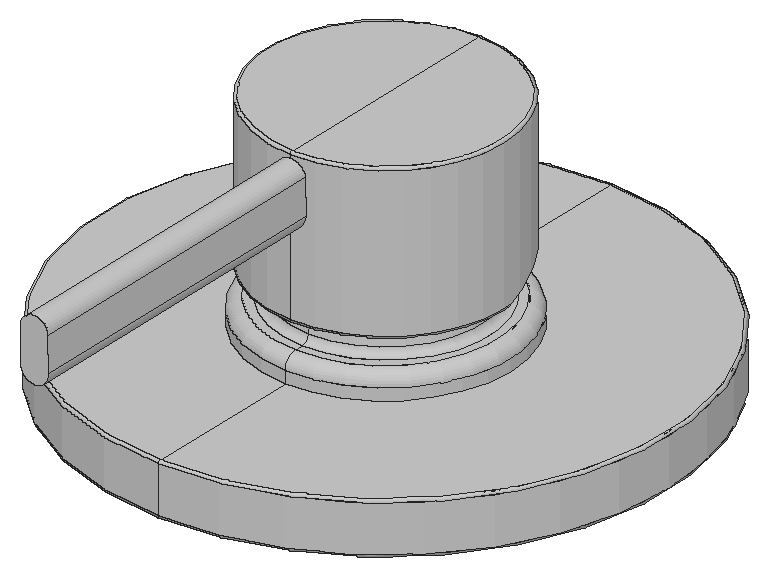
Revit family "Sanitary_Taps-mixers_hansgrohe_74618XXX-Zesis-S-Single-lever-shower-mixer-set_concealed-installation", category Plumbing Fixtures, host Face, Revit 2022
Family settings
  Host = Face
  Round Connector Dimension = Use Diameter
  Part Type = Normal
  OmniClass Number = 23.31.11.00
  OmniClass Title = Faucets
  Cut with Voids When Loaded = Yes
  Maintain Annotation Orientation = No
  Shared = No
  Room Calculation Point = No
Parameters (values of type "000 Chrome")
  Version = 0
  URL = "https://www.hansgrohe.com/"
  Product data url = "https://www.bimobject.com/en/hansgrohe/product/74618XXX"
  Product Page URL = "https://www.hansgrohe.com/articledetail--74618000"
  Model = "74618XXX"  # constant formula
  Material 1 = Hansgrohe - Metal - 000 Chrome
  Manufacturer = "Hansgrohe"  # constant formula
  Description = "Zesis S Single lever shower mixer-set for concealed installation"  # constant formula
  Default Elevation = 0 mm
  Date Updated = ""
  Date Created = "2024/12/16"  # constant formula
Types (3, lengths in mm): name | Material 1
  (no name) | Hansgrohe - Metal - 000 Chrome
  000 Chrome | Hansgrohe - Metal - 000 Chrome
  670 Matt Black | Hansgrohe - Metal - 670 Matt Black
Reference planes
  plane 1 "Center (Front/Back)": y = 0
  plane 2: z = 0
  plane 3 "Center (Left/Right)": x = 0
Forms (mm)
  Revolve 1, solid, material "Hansgrohe - Metal - 000 Chrome" <- "Material 1", detail levels fine
    sketch origin (0, 0, 0) x (0, 1, 0) y (0, 0, 1)
      loop
        line (0, 0) -> (54.379, 0)
        arc (54.379, 0) -> (54.732, 0.146) -> (54.879, 0.5) r 0.5
        line (54.879, 0.5) -> (54.879, 9.5)
        arc (54.879, 9.5) -> (54.732, 9.854) -> (54.379, 10) r 0.5
        line (54.379, 10) -> (0, 10) -> (0, 0)
      axis (0, 10) -> (0, 0)
    angle from 0 to 360
  Revolve 2, solid, material "Hansgrohe - Metal - 000 Chrome" <- "Material 1", detail levels fine
    sketch origin (0, 34.048, -7) x (0, 1, 0) y (0, 0, 1)
      loop
        line (-34.048, 12.6) -> (-9.798, 12.6) -> (-9.798, 19.253)
        arc (-9.798, 19.253) -> (-10.518, 20.992) -> (-12.257, 21.713) r 2.459
        line (-12.257, 21.713) -> (-13.952, 21.713)
        arc (-13.952, 21.713) -> (-15.002, 22.126) -> (-15.488, 23.145) r 1.539
        arc (-15.488, 23.145) -> (-17.342, 30.001) -> (-21.66, 35.638) r 18.349
        line (-21.66, 35.638) -> (-34.048, 35.638) -> (-34.048, 12.6)
      axis (-34.048, 35.638) -> (-34.048, 12.6)
    angle from 0 to 360
  Extrusion 3, void
    sketch origin (0, 34.048, -7) x (0, 1, 0) y (0, 0, 1)
      loop
        line (0, 37.41) -> (-39.523, 25.326) -> (0, 25.326) -> (0, 37.41)
    from -25 to 25
  Revolve 4, solid, material "Hansgrohe - Metal - 000 Chrome" <- "Material 1", detail levels fine
    sketch origin (0, 34.048, -7) x (0, 1, 0) y (0, 0, 1)
      loop
        line (-34.048, 27) -> (-11.548, 27)
        arc (-11.548, 27) -> (-11.194, 27.146) -> (-11.048, 27.5) r 0.5
        line (-11.048, 27.5) -> (-11.048, 56.138)
        arc (-11.048, 56.138) -> (-11.194, 56.492) -> (-11.548, 56.638) r 0.5
        line (-11.548, 56.638) -> (-34.048, 56.638) -> (-34.048, 27)
      axis (-34.048, 56.638) -> (-34.048, 27)
    angle from 0 to 360
  Sweep 5, solid, material "Hansgrohe - Metal - 000 Chrome" <- "Material 1", detail levels fine
    path origin (0, 34.048, -7) x (0, 1, 0) y (0, 0, 1)
      loop
        line (-118.95, 49.596) -> (-33.95, 49.596)
    profile origin (0, -84.902, 42.596) x (0, 0, 1) y (1, 0, 0)
      loop
        line (-3.298, -2.749) -> (3.315, -2.634)
        arc (3.315, -2.634) -> (5.904, 0) -> (3.315, 2.634) r 2.634
        line (3.315, 2.634) -> (-3.298, 2.749)
        arc (-3.298, 2.749) -> (-6.096, 0) -> (-3.298, -2.749) r 2.75
  Revolve 6, solid, material "Hansgrohe - Metal - 000 Chrome" <- "Material 1", detail levels coarse+medium
    sketch origin (0, 0, 0) x (0, 1, 0) y (0, 0, 1)
      loop
        line (0, 0) -> (55, 0) -> (55, 9.995) -> (0, 9.995) -> (0, 0)
      axis (0, 9.995) -> (0, 0)
    angle from 0 to 360
  Revolve 7, solid, material "Hansgrohe - Metal - 000 Chrome" <- "Material 1", detail levels medium
    sketch origin (0, 34.048, -7) x (0, 1, 0) y (0, 0, 1)
      loop
        line (-34.048, 8.388) -> (-15.299, 8.388) -> (-15.299, 26.995) -> (-11.048, 26.995) -> (-11.048, 56.638) -> (-34.048, 56.638) -> (-34.048, 8.388)
      axis (-34.048, 56.638) -> (-34.048, 8.388)
    angle from 0 to 360
  Sweep 8, solid, material "Hansgrohe - Metal - 000 Chrome" <- "Material 1", detail levels coarse+medium
    path origin (0, 34.048, -7) x (0, 1, 0) y (0, 0, 1)
      loop
        line (-118.95, 49.596) -> (-33.95, 49.596)
    profile origin (0, -84.902, 42.596) x (0, 0, 1) y (1, 0, 0)
      loop
        line (-6.096, -2.749) -> (5.904, -2.749) -> (5.904, 2.749) -> (-6.096, 2.749) -> (-6.096, -2.749)
  Revolve 9, solid, material "Hansgrohe - Metal - 000 Chrome" <- "Material 1", detail levels coarse
    sketch origin (0, 34.048, -7) x (0, 1, 0) y (0, 0, 1)
      loop
        line (-34.048, 8.388) -> (-11.048, 8.388) -> (-11.048, 56.638) -> (-34.048, 56.638) -> (-34.048, 8.388)
      axis (-34.048, 56.638) -> (-34.048, 8.388)
    angle from 0 to 360
Cuts and joins
  Extrusion 3 cuts Revolve 4
  joined: Revolve 1, Revolve 2, Revolve 4, Sweep 5
Lines and regions (mm)
  Masking region 1
    outline origin (0, 0, 0) x (0, 1, 0) y (0, 0, 1)
      loop
        arc (54.18, 0) -> (54.533, 0.146) -> (54.68, 0.5) r 0.5
        line (54.68, 0.5) -> (54.68, 9.548)
        arc (54.68, 9.548) -> (54.533, 9.902) -> (54.18, 10.048) r 0.5
        line (54.18, 10.048) -> (24.237, 10.048) -> (24.237, 12.204)
        arc (24.237, 12.204) -> (23.502, 13.979) -> (21.727, 14.714) r 2.509
        line (21.727, 14.714) -> (20.096, 14.714)
        arc (20.096, 14.714) -> (19.042, 15.131) -> (18.559, 16.156) r 1.539
        arc (18.559, 16.156) -> (17.692, 20.663) -> (15.719, 24.806) r 18.086
        line (15.719, 24.806) -> (23, 27.032) -> (23, 49.138)
        arc (23, 49.138) -> (22.854, 49.492) -> (22.5, 49.638) r 0.5
        line (22.5, 49.638) -> (0, 49.638) -> (-23, 49.638) -> (-23, 48.5) -> (-84.902, 48.5) -> (-84.902, 36.5) -> (-23, 36.5) -> (-23, 19.995) -> (-17.897, 19.995)
        arc (-17.897, 19.995) -> (-18.332, 18.094) -> (-18.559, 16.156) r 18.086
        arc (-18.559, 16.156) -> (-19.042, 15.131) -> (-20.096, 14.714) r 1.539
        line (-20.096, 14.714) -> (-21.727, 14.714)
        arc (-21.727, 14.714) -> (-23.502, 13.979) -> (-24.237, 12.204) r 2.509
        line (-24.237, 12.204) -> (-24.237, 10.048) -> (-54.18, 10.048)
        arc (-54.18, 10.048) -> (-54.533, 9.902) -> (-54.68, 9.548) r 0.5
        line (-54.68, 9.548) -> (-54.68, 0.5)
        arc (-54.68, 0.5) -> (-54.533, 0.146) -> (-54.18, 0) r 0.5
        line (-54.18, 0) -> (54.18, 0)
  Masking region 2
    outline origin (0, 0, 0) x (1, 0, 0) y (0, 0, 1)
      loop
        line (0, 49.638) -> (-22.5, 49.638)
        arc (-22.5, 49.638) -> (-22.854, 49.492) -> (-23, 49.138) r 0.5
        line (-23, 49.138) -> (-23, 20.495)
        arc (-23, 20.495) -> (-22.854, 20.142) -> (-22.5, 19.995) r 0.5
        line (-22.5, 19.995) -> (-17.574, 19.995)
        arc (-17.574, 19.995) -> (-18.106, 18.008) -> (-18.538, 15.996) r 41.02
        arc (-18.538, 15.996) -> (-19.075, 15.086) -> (-20.069, 14.727) r 1.558
        line (-20.069, 14.727) -> (-21.749, 14.727)
        arc (-21.749, 14.727) -> (-23.518, 13.995) -> (-24.25, 12.227) r 2.501
        line (-24.25, 12.227) -> (-24.25, 9.995) -> (-54.5, 9.995)
        arc (-54.5, 9.995) -> (-54.854, 9.849) -> (-55, 9.495) r 0.5
        line (-55, 9.495) -> (-55, 0.5)
        arc (-55, 0.5) -> (-54.854, 0.146) -> (-54.5, 0) r 0.5
        line (-54.5, 0) -> (0, 0) -> (54.5, 0)
        arc (54.5, 0) -> (54.854, 0.146) -> (55, 0.5) r 0.5
        line (55, 0.5) -> (55, 9.495)
        arc (55, 9.495) -> (54.854, 9.849) -> (54.5, 9.995) r 0.5
        line (54.5, 9.995) -> (24.25, 9.995) -> (24.25, 12.227)
        arc (24.25, 12.227) -> (23.518, 13.995) -> (21.749, 14.727) r 2.501
        line (21.749, 14.727) -> (20.069, 14.727)
        arc (20.069, 14.727) -> (19.075, 15.086) -> (18.538, 15.996) r 1.558
        arc (18.538, 15.996) -> (18.106, 18.008) -> (17.574, 19.995) r 41.02
        line (17.574, 19.995) -> (22.5, 19.995)
        arc (22.5, 19.995) -> (22.854, 20.142) -> (23, 20.495) r 0.5
        line (23, 20.495) -> (23, 49.138)
        arc (23, 49.138) -> (22.854, 49.492) -> (22.5, 49.638) r 0.5
        line (22.5, 49.638) -> (0, 49.638)
  Masking region 3
    outline origin (0, 0, 0) x (1, 0, 0) y (0, 1, 0)
      loop
        line (2.75, -84.902) -> (2.75, -54.931)
        arc (2.75, -54.931) -> (0, 55) -> (-2.75, -54.931) r 55
        line (-2.75, -54.931) -> (-2.75, -84.902) -> (2.75, -84.902)
  symbolic lines, detail levels medium+fine
    curve 1: line (0, -0.015, 19.995) -> (0, -17.574, 19.995)
    curve 2: line (0, 15.809, 24.833) -> (0, -0.015, 19.995)
    curve 3: line (0, -23, 36.5) -> (0, -23, 48.5)
    curve 4: arc (0, -18.749, 14.782) -> (0, 0, 15) -> (0, 18.749, 14.782) r 806.803
    curve 5: circle (0, 0, 0) r 23 normal (0, 0, 1)
    curve 6: line (-2.75, -54.931, 0) -> (-2.75, -22.835, 0)
    curve 7: line (2.75, -54.931, 0) -> (2.75, -22.835, 0)
    curve 8: arc (20.3, 0, 14.745) -> (0, 0, 15) -> (-20.3, 0, 14.745) r 806.803
    curve 9: spline (17.552, 0, 20) -> (17.256, 0, 20.639) -> (16.693, 0, 21.263) -> (15.871, 0, 21.861) -> (14.803, 0, 22.426) -> (13.505, 0, 22.947) -> (11.997, 0, 23.418) -> (10.301, 0, 23.831) -> (8.444, 0, 24.179) -> (6.455, 0, 24.458) -> (4.363, 0, 24.663) -> (2.2, 0, 24.791) -> (0, 0, 24.839)
    curve 10: spline (0, 0, 24.839) -> (-2.2, 0, 24.791) -> (-4.363, 0, 24.663) -> (-6.455, 0, 24.458) -> (-8.444, 0, 24.179) -> (-10.301, 0, 23.831) -> (-11.997, 0, 23.418) -> (-13.505, 0, 22.947) -> (-14.803, 0, 22.426) -> (-15.871, 0, 21.861) -> (-16.693, 0, 21.263) -> (-17.256, 0, 20.639) -> (-17.552, 0, 20)
    curve 11: spline (0, 0, 27.045) -> (2.925, 0, 26.972) -> (5.795, 0, 26.792) -> (8.566, 0, 26.51) -> (11.195, 0, 26.128) -> (13.64, 0, 25.653) -> (15.863, 0, 25.092) -> (17.829, 0, 24.455) -> (19.508, 0, 23.751) -> (20.873, 0, 22.991) -> (21.902, 0, 22.188) -> (22.58, 0, 21.353) -> (22.896, 0, 20.499)
    curve 12: spline (-22.896, 0, 20.499) -> (-22.58, 0, 21.353) -> (-21.902, 0, 22.188) -> (-20.873, 0, 22.991) -> (-19.508, 0, 23.751) -> (-17.829, 0, 24.455) -> (-15.863, 0, 25.092) -> (-13.64, 0, 25.653) -> (-11.195, 0, 26.128) -> (-8.566, 0, 26.51) -> (-5.795, 0, 26.792) -> (-2.925, 0, 26.972) -> (0, 0, 27.045)
Dimensions and locks
  aligned and locked: plane 2 to host face
  aligned and locked: level to host face
